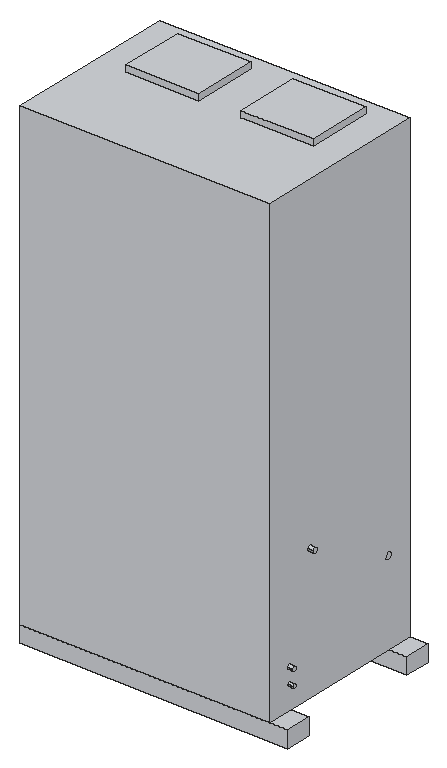
Revit family "a23fc6cc36ea49fea80384f82e9c2f53", category Mechanical Equipment, Revit 2021
Family settings
  Round Connector Dimension = Use Radius
  Part Type = Normal
  OmniClass Number = 23.75.10.24.21.27.11
  OmniClass Title = Packaged Air Conditioners
  Seek Item ID = Air Conditioner - Vertical Packaged - Air Cooled - 7.5 Tons-0000-USA-ENU
  Work Plane-Based = No
  Always vertical = Yes
  Cut with Voids When Loaded = No
  Shared = No
  Room Calculation Point = No
Parameters (values of type "7.5 Tons")
  Voltage = 460 V
  Outlet Radius = 5/16"
  Outlet Diameter = Outlet Radius * 2  # 5/8"
  Number of Poles = 3
  Material = none
  Load Classification = Cooling
  Inlet Radius = 1/4"
  Inlet Diameter = Inlet Radius * 2  # 1/2"
  Height 1 = 1' - 3 77/128"
  Duct Width = 11 119/128"
  Duct Height = 10 161/256"
  Drain Radius = 3/8"
  Drain Flow [instance] = 0 GPM
  Default Elevation = 0' - 0"
  Conditioner Width = 2' - 4 189/256"
  Conditioner Length = 3' - 4 241/256"
  Conditioner Height = 6' - 4 23/128"
  C5 Offset 2 = 0' - 8 11/64"
  C5 Offset 1 = 2' - 0 215/256"
  C4 Offset 1 [instance] = 0' - 5 5/128"
  C3 Offset 2 = 1' - 1 207/256"
  C3 Offset 1 = 0' - 4 45/128"
  C2 Offset 2 = 0' - 2 143/256"
  C1 Offset 2 = 0' - 3 241/256"
  C1 Offset 1 = 0' - 3 241/256"
  Apparent Load = 8500 VA
  Air Flow [instance] = 1500 CFM
Reference planes (in)
  plane 1 "Center (Front/Back)": y = 0
  plane 2: z = 0
  plane 3 "Center (Left/Right)": x = 0
  plane 4: y = 28.73828
  plane 5: x = 40.94141
  plane 6: z = 78.93969
  plane 7: z = 2.76
  plane 8: z = 40.84984
  plane 9: z = 48.65062
  plane 10: z = 33.04906
  plane 11: x = 2
  plane 12: x = 38.94141
  plane 13: y = 24.43828
  plane 14: y = 4.3
  plane 15: x = 43.94141
  plane 16: y = 3.94141
  plane 17: z = 9.26
  plane 18: z = 6.70141
  plane 19: y = 24.38672
  plane 20: z = 16.56859
  plane 21: x = 41.94141
  plane 22: x = 39.94141
  plane 23: x = -1
  plane 24: x = 5.03906
  plane 25: y = 26.06828
  plane 26: y = 15.43937
  plane 27: x = 16.96875
  plane 28: x = 23.97266
  plane 29: x = 35.90234
  plane 30: z = 24.83984
  plane 31: y = 8.17187
Forms (in)
  Extrusion 1, solid, material <- "Material"
    sketch origin (0, 0, 0) x (1, 0, 0) y (0, 1, 0)
      loop
        line (0, 28.73828) -> (0, 0) -> (40.94141, 0) -> (40.94141, 28.73828) -> (0, 28.73828)
    from 2.76 to 78.93969
  Extrusion 2, solid, material <- "Material"
    sketch origin (0, 0, 0) x (1, 0, 0) y (0, 1, 0)
      loop
        line (0, 28.73828) -> (0, 24.43828) -> (43.94141, 24.43828) -> (43.94141, 28.73828) -> (0, 28.73828)
    from 0 to 2.76
  Extrusion 3, solid, material <- "Material"
    sketch origin (0, 0, 0) x (1, 0, 0) y (0, 1, 0)
      loop
        line (0, 4.3) -> (0, 0) -> (43.94141, 0) -> (43.94141, 4.3) -> (0, 4.3)
    from 0 to 2.76
  Extrusion 4, solid, material <- "Material"
    sketch origin (0, 0, 0) x (0, 1, 0) y (0, 0, 1)
      loop
        circle (3.94141, 9.26) r 0.3125
    from 40.94141 to 41.94141
  Extrusion 5, solid, material <- "Material"
    sketch origin (0, 0, 0) x (0, 1, 0) y (0, 0, 1)
      loop
        circle (3.94141, 6.70141) r 0.25
    from 40.94141 to 41.94141
  Extrusion 6, solid, material <- "Material"
    sketch origin (0, 0, 0) x (0, 1, 0) y (0, 0, 1)
      loop
        circle (24.38672, 16.56859) r 0.5
    from 39.94141 to 40.94141
  Extrusion 7, solid
    sketch origin (0, 0, 0) x (1, 0, 0) y (0, 1, 0)
      loop
        line (5.03906, 26.06828) -> (5.03906, 15.43937) -> (16.96875, 15.43937) -> (16.96875, 26.06828) -> (5.03906, 26.06828)
    from 78.93969 to 79.93969
  Extrusion 8, solid
    sketch origin (0, 0, 0) x (1, 0, 0) y (0, 1, 0)
      loop
        line (23.97266, 26.06828) -> (23.97266, 15.43937) -> (35.90234, 15.43937) -> (35.90234, 26.06828) -> (23.97266, 26.06828)
    from 78.93969 to 79.93969
  Extrusion 9, solid
    sketch origin (0, 0, 0) x (0, 1, 0) y (0, 0, 1)
      loop
        circle (8.17187, 24.83984) r 0.375
    from 40.94141 to 41.94141
Lines and regions (in)
  model lines, detail levels fine
    curve 1: line (2, 0, 48.65062) -> (38.94141, 0, 48.65062)
    curve 2: line (2, 0, 33.04906) -> (2, 0, 48.65062)
    curve 3: line (38.94141, 0, 33.04906) -> (2, 0, 33.04906)
    curve 4: line (38.94141, 0, 48.65062) -> (38.94141, 0, 33.04906)
    curve 5: line (2, 0, 40.84984) -> (38.94141, 0, 40.84984)
    curve 6: line (2, 0, 46.05036) -> (38.94141, 0, 46.05036)
    curve 7: line (2, 0, 38.24958) -> (38.94141, 0, 38.24958)
    curve 8: line (2, 0, 35.64932) -> (38.94141, 0, 35.64932)
    curve 9: line (2, 0, 43.4501) -> (38.94141, 0, 43.4501)
Dimensions and locks (in)
  "Conditioner Length": plane 3 "Center (Left/Right)" to plane 5
  "Conditioner Width": plane 4 to plane 1 "Center (Front/Back)"
  locked: plane 7 to plane 2 at 2.76
  "Conditioner Height": plane 6 to plane 7
  equal spacing: plane 6, plane 8, plane 7
  equal spacing: plane 9, plane 8, plane 10
  "Height 1": plane 9 to plane 10
  locked: plane 11 to plane 3 "Center (Left/Right)" at 2
  locked: plane 5 to plane 12 at 2
  locked: plane 4 to plane 13 at 4.3
  locked: plane 14 to plane 1 "Center (Front/Back)" at 4.3
  locked: plane 5 to plane 15 at 3
  "C1 Offset 1": plane 1 "Center (Front/Back)" to plane 16
  "C1 Offset 2": plane 18 to plane 7
  "C2 Offset 2": plane 17 to plane 18
  "C3 Offset 1": plane 19 to plane 4
  "C3 Offset 2": plane 20 to plane 7
  locked: plane 21 to plane 5 at 1
  locked: plane 5 to plane 22 at 1
  locked: plane 3 "Center (Left/Right)" to plane 23 at 1
  equal spacing: curve 1, curve 6, curve 9, curve 5, curve 7, curve 8, curve 3
  "C4 Offset 1": plane 3 "Center (Left/Right)" to plane 24
  locked: plane 4 to plane 25 at 2.67
  "Duct Width": plane 24 to plane 27
  "Duct Height": plane 25 to plane 26
  locked: Extrusion 7 to Extrusion 7 at 1
  "C4 Offset 1": plane 29 to plane 5
  "Duct Width": plane 28 to plane 29
  "C5 Offset 1": plane 30 to plane 2
  "C5 Offset 2": plane 31 to plane 1 "Center (Front/Back)"
  "Outlet Radius": radius of Extrusion 4 sketch curve
  "Inlet Radius": radius of Extrusion 5 sketch curve
  radius of Extrusion 6 sketch curve = 0' - 0 1/2"
  "Drain Radius": radius of Extrusion 9 sketch curve
  aligned and locked: Extrusion 1 to plane 3 "Center (Left/Right)"
  aligned and locked: plane 4 to Extrusion 1
  aligned and locked: plane 5 to Extrusion 1
  aligned and locked: plane 1 "Center (Front/Back)" to Extrusion 1
  aligned and locked: plane 6 to Extrusion 1
  aligned and locked: Extrusion 1 to plane 7
  aligned and locked: plane 11 to curve 1
  aligned and locked: curve 1 to plane 9
  aligned and locked: curve 4 to plane 12
  aligned and locked: Extrusion 2 to plane 13
  aligned and locked: plane 14 to Extrusion 3
  aligned and locked: plane 4 to Extrusion 2
  aligned and locked: plane 1 "Center (Front/Back)" to Extrusion 3
  aligned and locked: plane 15 to Extrusion 2
  aligned and locked: Extrusion 3 to plane 15
  aligned and locked: Extrusion 2 to plane 3 "Center (Left/Right)"
  aligned and locked: Extrusion 3 to plane 3 "Center (Left/Right)"
  aligned and locked: Extrusion 3 to plane 2
  aligned and locked: Extrusion 2 to plane 2
  aligned and locked: plane 7 to Extrusion 3
  aligned and locked: plane 7 to Extrusion 2
  aligned and locked: plane 17 to Extrusion 4 sketch curve
  aligned and locked: plane 16 to Extrusion 4 sketch curve
  aligned and locked: plane 16 to Extrusion 5 sketch curve
  aligned and locked: plane 18 to Extrusion 5 sketch curve
  aligned and locked: plane 19 to Extrusion 6 sketch curve
  aligned and locked: plane 20 to Extrusion 6 sketch curve
  aligned and locked: plane 21 to Extrusion 4
  aligned and locked: plane 21 to Extrusion 5
  aligned and locked: Extrusion 4 to plane 5
  aligned and locked: Extrusion 5 to plane 5
  aligned and locked: plane 22 to Extrusion 6
  aligned and locked: plane 5 to Extrusion 6
  aligned and locked: plane 11 to curve 6
  aligned and locked: plane 12 to curve 6
  aligned and locked: plane 24 to Extrusion 7 sketch curve
  aligned and locked: Extrusion 7 sketch curve to plane 25
  aligned and locked: plane 26 to Extrusion 7 sketch curve
  aligned and locked: Extrusion 7 sketch curve to plane 27
  aligned and locked: Extrusion 7 to Extrusion 1
  aligned and locked: plane 28 to Extrusion 8 sketch curve
  aligned and locked: Extrusion 8 sketch curve to plane 25
  aligned and locked: plane 26 to Extrusion 8 sketch curve
  aligned and locked: Extrusion 8 sketch curve to plane 29
  aligned and locked: Extrusion 8 to Extrusion 1
  aligned and locked: Extrusion 8 to Extrusion 7
  aligned and locked: plane 31 to Extrusion 9 sketch curve
  aligned and locked: plane 30 to Extrusion 9 sketch curve
  aligned and locked: Extrusion 4 to Extrusion 9
  aligned and locked: Extrusion 9 to Extrusion 1
Automatic sketch dimensions
  Extrusion 1 sketch curve to plane 1 "Center (Front/Back)" = 0' - 0"
  Extrusion 1 sketch curve to plane 3 "Center (Left/Right)" = 0' - 0"
  Extrusion 1 sketch curve to plane 5 = 0' - 0"
  Extrusion 1 sketch curve to plane 4 = 0' - 0"
  Extrusion 2 sketch curve to plane 3 "Center (Left/Right)" = 0' - 0"
  plane 5 to Extrusion 2 sketch curve = 0' - 3"
  Extrusion 2 sketch curve to plane 4 = 0' - 4.3"
  Extrusion 2 sketch curve to plane 4 = 0' - 0"
  Extrusion 3 sketch curve to plane 3 "Center (Left/Right)" = 0' - 0"
  Extrusion 3 sketch curve to plane 1 "Center (Front/Back)" = 0' - 0"
  plane 5 to Extrusion 3 sketch curve = 0' - 3"
  Extrusion 3 sketch curve to Extrusion 3 sketch curve = 0' - 4.3"
  curve 4 to plane 10 = 0' - 0"
Connectors (in)
  piping at (41.94141, 3.94141, 6.70141), diameter 0.5, driven by "Inlet Radius"
    settings: on Extrusion 5, index 1, connector inside diameter 1/2", connector length 0' - 0", flow factor 0, pipe flow 0 GPM, pressure drop 0.00 psi, fitting loss kfactor 0, connector angle 0.00°, fixture units 0, engagement length 0' - 0", angle of deflection 0.00°, flow configuration 1, flow direction 1, fitting loss method 0, system type 22, joint type 0, gender type 0, connector reference index -1, connector utility 0, adjustable connector no, is connector primary yes, connector description "Cryogen In"
  piping at (41.94141, 3.94141, 9.26), diameter 0.625, driven by "Outlet Radius"
    settings: on Extrusion 4, index 2, connector inside diameter 5/8", connector length 0' - 0", flow factor 0, pipe flow 0 GPM, pressure drop 0.39 psi, fitting loss kfactor 0, connector angle 0.00°, fixture units 0, engagement length 0' - 0", angle of deflection 0.00°, flow configuration 1, flow direction 2, fitting loss method 0, system type 22, joint type 0, gender type 0, connector reference index -1, connector utility 0, adjustable connector no, is connector primary no, connector description "Cryogen Out"
  electrical at (40.94141, 24.38672, 16.56859), driven by "Apparent Load", driven by "Voltage", driven by "Number of Poles", driven by "Load Classification"
    settings: on Extrusion 6, index 5, voltage 460 V, apparent load 8500 VA, apparent load phase1 0 VA, apparent load phase2 0 VA, apparent load phase3 0 VA, power factor 0.8, load classification "Cooling", number of poles 3, system type 30, power factor state 1, is connector primary yes, connector utility no, sub classification motor no, connector description ""
  hvac at (11.00391, 20.75383, 79.93969), driven by "Air Flow", driven by "Duct Height", driven by "Duct Width"
    settings: on Extrusion 7, index 6, duct flow 1500 CFM, flow factor 0, pres drop 0.00 in-wg, loss coef 0, conn angle 0.00°, conn width 11 119/128", conn height 10 161/256", conn diameter 24", duct sys type 1, conn prof type 1, flow config 0, flow direction 2, loss method 0, conn ref index -1, conn util no, is conn primary yes, conn desc ""
  hvac at (29.9375, 20.75383, 79.93969), driven by "Air Flow", driven by "Duct Height", driven by "Duct Width"
    settings: on Extrusion 8, index 7, duct flow 1500 CFM, flow factor 0, pres drop 0.00 in-wg, loss coef 0, conn angle 0.00°, conn width 11 119/128", conn height 10 161/256", conn diameter 24", duct sys type 1, conn prof type 1, flow config 0, flow direction 2, loss method 0, conn ref index -1, conn util no, is conn primary no, conn desc ""
  piping at (41.94141, 8.17187, 24.83984), diameter 0.75, driven by "Drain Flow", driven by "Drain Radius"
    settings: on Extrusion 9, index 8, connector inside diameter 3/4", connector length 0' - 0", flow factor 0, pipe flow 0 GPM, pressure drop 0.00 psi, fitting loss kfactor 0, connector angle 0.00°, fixture units 0, engagement length 0' - 0", angle of deflection 0.00°, flow configuration 1, flow direction 2, fitting loss method 0, system type 16, joint type 0, gender type 0, connector reference index -1, connector utility 0, adjustable connector yes, is connector primary no, connector description ""
